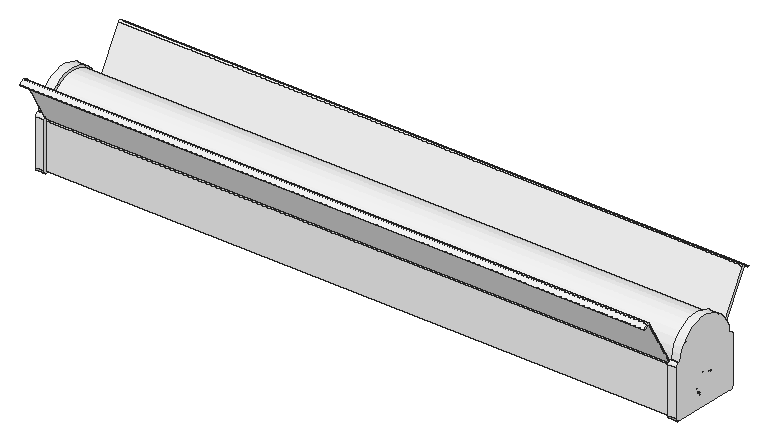
Revit family "0045177+0045231 Feilo Sylvania Lighting Fixture SYLBATTEN LED2 WW TP3 with SYMMETRIC REFLECTOR ACCESSORY 600MM", category Lighting Fixtures, host Face, Revit 2017
Family settings
  Host = Face
  Round Connector Dimension = Use Diameter
  Part Type = Normal
  OmniClass Number = 23.80.70.00
  OmniClass Title = Lighting
  Cut with Voids When Loaded = No
  Light Source = Yes
  Shared = No
  Room Calculation Point = No
Parameters (values of type "0045177 SYLBATTEN LED2 WW TP3")
  Width_FEILO = 66 mm
  Weight = "1.432 kg"
  Wattage Comments = "n/a"
  Wattage = 22 W
  WarrantyStartDate [instance] = "n/a"
  WarrantyGuarantorParts = "n/a"
  WarrantyDurationUnit = "n/a"
  WarrantyDurationParts = "n/a"
  WarrantyDescription = "n/a"
  built-in parameter 1150110 = 1 (stored number, unit not read)
  Voltage = 230 V
  URL = "http://www.sylvania-lighting.com"
  TypeName = "SYLBATTEN LED2 WW TP3"
  Type Image = <None>
  Type Comments = "n/a"
  built-in parameter 1114217 = 1 (stored number, unit not read)
  Tilt Angle = -90.00°
  built-in parameter 1150109 = 1 (stored number, unit not read)
  built-in parameter 1150134 = (empty or 0)
  SymReflector_FEILO = yes
  built-in parameter 1150113 = 1 (stored number, unit not read)
  SerialNumber [instance] = "n/a"
  PowerFactor = 0
  PowerConsumption = "22 W"
  Photometric Web File = "0045177+0045231.ies"
  NominalLength = 605 mm
  NominalHeight = 91 mm
  NominalDepth = 122 mm
  Name = "SYLBATTEN LED2 WW TP3"
  ModelReference = Name  # "SYLBATTEN LED2 WW TP3"
  ModelNumber = "0045177"
  Model = Name  # "SYLBATTEN LED2 WW TP3"
  Material_4_FEILO = Reflector-Sylvania-Sylbatten-White
  Material_3_FEILO = Diffuser-Sylvania-Sylbatten-Glow
  Material_2_FEILO = Body-Sylvania-Sylbatten-White
  Material_1_FEILO = Body-Sylvania-Sylbatten-White
  Material = "sheet steel housing, polycarbonate diffuser"
  ManufacturerName = "Feilo Sylvania"
  Manufacturer = "Feilo Sylvania"
  LuminousEfficacy = "92 lm/W"
  built-in parameter 1150105 = 161.06 (stored number, unit not read)
  Lumens = 2024 lm
  LuminaireType = ""
  built-in parameter 1150115 = 1 (stored number, unit not read)
  LightOutputRatio = "100"
  built-in parameter 1150137 = (empty or 0)
  built-in parameter 1150139 = (empty or 0)
  Length_FEILO = 605 mm
  LampsType = Lamp  # "LED"
  LampNominalLuminous = "2024 lm"
  LampMacAdamStep = "n/a"
  LampColourTemperature = "3000 K"
  LampColourRenderingIndex = "80"
  built-in parameter 1150112 = 1 (stored number, unit not read)
  built-in parameter 1150114 = 1 (stored number, unit not read)
  Lamp = "LED"
  Keynote = "16500"
  InstallationDate [instance] = "n/a"
  InputVoltage = "220-240V~"
  InputNominalFrequency = "n/a"
  built-in parameter 1150132 = (empty or 0)
  built-in parameter 1150102 = (empty or 0)
  built-in parameter 1150107 = 3000 (stored number, unit not read)
  built-in parameter 1150138 = (empty or 0)
  IngressProtection = "IP20"
  ImpactProtectionIndex = "IK07"
  built-in parameter 1150106 = 1.6106 (stored number, unit not read)
  IfcExportType = "IfcLightFixtureType"
  IfcExportAs = "IfcLightFixtureType"
  Height_FEILO = 76 mm
  ExpectedLife = 50000
  Emit from Rectangle Width = Length_FEILO - 16 mm  # 589 mm
  Emit from Rectangle Length = Width_FEILO - 40 mm  # 26 mm
  Emit Shape Visible in Rendering = no
  ElectricShockClassification = "Class I"
  built-in parameter 1150104 = 8.5471 (stored number, unit not read)
  DurationUnit = "hours"
  DocumentationLiterature = "http://www.sylvania-lighting.com/product/en-int/products/0045177"
  DimmingControlOptions = "n/a"
  Dimming Lamp Color Temperature Shift = <None>
  Description = "LED batten, T8 replacement, ease of installation through 2 part push-in design of the housing (safety cable included), through wiring capability (TP3 = 3 core), sheet steel, 2024LM, 22W, 92lm/W, 3000K, drive current: 350mA, CRI 80, 138° wide beam angle, electronic driver (non dimmable), IP20, IK07, 50,000 hrs (L70), (LxWxH) 605x66x76mm, 5 step MacAdam ellipse, 1.8kg, white RAL 9016, Class 1, 220-240V, energy class: A++, A+, A."
  Default Elevation = 1219.2 mm
  CreatedOn = "1/25/2018"
  CreatedBy = ""
  Cost = 0
  Color Filter = 16777215
  built-in parameter 1114216 [instance] = (empty or 0)
  ClassificationValue = "EF_70_80"
  ClassificationName = "Uniclass2015"
  CapOffset_FEILO = 2 mm
  BarCode [instance] = "n/a"
  built-in parameter 1114218 = 1 (stored number, unit not read)
  BackReflector_FEILO = and(not(AsymReflector_FEILO), SymReflector_FEILO)  # yes
  built-in parameter 1150133 = 10 (stored number, unit not read)
  FrontReflector_FEILO = or(AsymReflector_FEILO, SymReflector_FEILO)  # yes
  AsymReflector_FEILO = no
  AssetType = "Fixed"
  AssetIdentifier [instance] = "n/a"
  Assembly Code = "D5020200"
  Apparent Load = 22 VA
Reference planes
  plane 1 "Center (Front/Back)": y = 0
  plane 2: z = 0
  plane 3 "Center (Left/Right)": x = 0
  plane 4: x = 302.5
  plane 5: x = -302.5
  plane 6: y = 33
  plane 7: y = -33
  plane 8: z = 76
  plane 9: z = 47
  plane 10: y = -29
  plane 11: y = 29
  plane 12: z = 20
  plane 13: z = 74
  plane 14: y = -31
  plane 15: y = -27
  plane 16: y = 27
  plane 17: y = 31
  plane 18: z = 2
  plane 19: x = -294.5
  plane 20: x = 294.5
  plane 21: z = 49
  plane 22: y = 1
  plane 23: y = -1
  plane 24: z = 21
  plane 25: z = 19
  plane 26: y = -61
  plane 27: y = 61
  plane 28: y = -56
  plane 29: y = 56
  plane 30: z = 91
  plane 31: z = 88
Forms (mm)
  Extrusion 1, solid, material "Body-Sylvania-Sylbatten-White" <- "Material_2_FEILO"
    sketch origin (0, 0, 0) x (0, 1, 0) y (0, 0, 1)
      loop
        line (-31, 2) -> (31, 2) -> (31, 45)
        arc (31, 45) -> (30.414, 46.414) -> (29, 47) r 2
        line (29, 47) -> (27, 47)
        arc (27, 47) -> (0, 74) -> (-27, 47) r 27
        line (-27, 47) -> (-29, 47)
        arc (-29, 47) -> (-30.414, 46.414) -> (-31, 45) r 2
        line (-31, 45) -> (-31, 2)
    from -294.5 to 294.5
  Extrusion 2, solid, material "Body-Sylvania-Sylbatten-White" <- "Material_2_FEILO"
    sketch origin (302.5, 1524, 1219.2) x (0, 1, 0) y (0, 0, 1)
      loop
        arc (-1494, -1219.2) -> (-1491.879, -1218.321) -> (-1491, -1216.2) r 3
        line (-1491, -1216.2) -> (-1491, -1173.2)
        arc (-1491, -1173.2) -> (-1491.879, -1171.079) -> (-1494, -1170.2) r 3
        line (-1494, -1170.2) -> (-1495.069, -1170.2)
        arc (-1495.069, -1170.2) -> (-1524, -1143.2) -> (-1552.931, -1170.2) r 29
        line (-1552.931, -1170.2) -> (-1554, -1170.2)
        arc (-1554, -1170.2) -> (-1556.121, -1171.079) -> (-1557, -1173.2) r 3
        line (-1557, -1173.2) -> (-1557, -1216.2)
        arc (-1557, -1216.2) -> (-1556.121, -1218.321) -> (-1554, -1219.2) r 3
        line (-1554, -1219.2) -> (-1494, -1219.2)
      loop
        arc (-1525, -1189.25) -> (-1531.071, -1192.129) -> (-1533.95, -1198.2) r 10
        line (-1533.95, -1198.2) -> (-1532.944, -1198.2)
        arc (-1532.944, -1198.2) -> (-1530.364, -1192.836) -> (-1525, -1190.256) r 9
        line (-1525, -1190.256) -> (-1525, -1189.25)
      loop
        arc (-1523, -1190.256) -> (-1517.636, -1192.836) -> (-1515.056, -1198.2) r 9
        line (-1515.056, -1198.2) -> (-1514.05, -1198.2)
        arc (-1514.05, -1198.2) -> (-1516.929, -1192.129) -> (-1523, -1189.25) r 10
        line (-1523, -1189.25) -> (-1523, -1190.256)
      loop
        line (-1532.944, -1200.2) -> (-1533.95, -1200.2)
        arc (-1533.95, -1200.2) -> (-1531.071, -1206.271) -> (-1525, -1209.15) r 10
        line (-1525, -1209.15) -> (-1525, -1208.144)
        arc (-1525, -1208.144) -> (-1530.364, -1205.564) -> (-1532.944, -1200.2) r 9
      loop
        arc (-1515.056, -1200.2) -> (-1517.636, -1205.564) -> (-1523, -1208.144) r 9
        line (-1523, -1208.144) -> (-1523, -1209.15)
        arc (-1523, -1209.15) -> (-1516.929, -1206.271) -> (-1514.05, -1200.2) r 10
        line (-1514.05, -1200.2) -> (-1515.056, -1200.2)
    from 0 to -8
  Extrusion 3, solid, material "Body-Sylvania-Sylbatten-White" <- "Material_2_FEILO"
    sketch origin (-302.5, 1524, 1219.2) x (0, 1, 0) y (0, 0, 1)
      loop
        arc (-1495.069, -1170.2) -> (-1524, -1143.2) -> (-1552.931, -1170.2) r 29
        line (-1552.931, -1170.2) -> (-1554, -1170.2)
        arc (-1554, -1170.2) -> (-1556.121, -1171.079) -> (-1557, -1173.2) r 3
        line (-1557, -1173.2) -> (-1557, -1216.2)
        arc (-1557, -1216.2) -> (-1556.121, -1218.321) -> (-1554, -1219.2) r 3
        line (-1554, -1219.2) -> (-1494, -1219.2)
        arc (-1494, -1219.2) -> (-1491.879, -1218.321) -> (-1491, -1216.2) r 3
        line (-1491, -1216.2) -> (-1491, -1173.2)
        arc (-1491, -1173.2) -> (-1491.879, -1171.079) -> (-1494, -1170.2) r 3
        line (-1494, -1170.2) -> (-1495.069, -1170.2)
      loop
        line (-1533.95, -1198.2) -> (-1532.944, -1198.2)
        arc (-1532.944, -1198.2) -> (-1530.364, -1192.836) -> (-1525, -1190.256) r 9
        line (-1525, -1190.256) -> (-1525, -1189.25)
        arc (-1525, -1189.25) -> (-1531.071, -1192.129) -> (-1533.95, -1198.2) r 10
      loop
        line (-1523, -1189.25) -> (-1523, -1190.256)
        arc (-1523, -1190.256) -> (-1517.636, -1192.836) -> (-1515.056, -1198.2) r 9
        line (-1515.056, -1198.2) -> (-1514.05, -1198.2)
        arc (-1514.05, -1198.2) -> (-1516.929, -1192.129) -> (-1523, -1189.25) r 10
      loop
        line (-1514.05, -1200.2) -> (-1515.056, -1200.2)
        arc (-1515.056, -1200.2) -> (-1517.636, -1205.564) -> (-1523, -1208.144) r 9
        line (-1523, -1208.144) -> (-1523, -1209.15)
        arc (-1523, -1209.15) -> (-1516.929, -1206.271) -> (-1514.05, -1200.2) r 10
      loop
        line (-1525, -1209.15) -> (-1525, -1208.144)
        arc (-1525, -1208.144) -> (-1530.364, -1205.564) -> (-1532.944, -1200.2) r 9
        line (-1532.944, -1200.2) -> (-1533.95, -1200.2)
        arc (-1533.95, -1200.2) -> (-1531.071, -1206.271) -> (-1525, -1209.15) r 10
    from 0 to 8
  Extrusion 4, solid, material "Reflector-Sylvania-Sylbatten-White" <- "Material_4_FEILO", visible <- "FrontReflector_FEILO"
    sketch origin (0, 0, 0) x (0, 1, 0) y (0, 0, 1)
      loop
        line (-61.257, 88.429) -> (-60.743, 87.571) -> (-56.621, 90.044)
        arc (-56.621, 90.044) -> (-56.237, 90.099) -> (-55.929, 89.863) r 0.5
        line (-55.929, 89.863) -> (-31.435, 46.753) -> (-30.565, 47.247) -> (-55.312, 90.802)
        arc (-55.312, 90.802) -> (-55.928, 91.275) -> (-56.696, 91.165) r 1
        line (-56.696, 91.165) -> (-61.257, 88.429)
    from -294.5 to 294.5
  Extrusion 5, solid, material "Reflector-Sylvania-Sylbatten-White" <- "Material_4_FEILO", visible <- "BackReflector_FEILO"
    sketch origin (0, 0, 0) x (0, 1, 0) y (0, 0, 1)
      loop
        line (30.565, 47.247) -> (31.435, 46.753) -> (55.932, 89.868)
        arc (55.932, 89.868) -> (56.245, 90.112) -> (56.638, 90.062) r 0.518
        line (56.638, 90.062) -> (61.033, 87.565) -> (61.527, 88.435) -> (56.682, 91.188)
        arc (56.682, 91.188) -> (55.922, 91.282) -> (55.318, 90.812) r 1
        line (55.318, 90.812) -> (30.565, 47.247)
    from -294.5 to 294.5
Lines and regions (mm)
  reference lines
    curve 1: line (0, -61, 88) -> (0, -56, 91)
    curve 2: line (0, -56, 91) -> (0, -31, 47)
    curve 3: line (0, 31, 47) -> (0, 56, 91)
    curve 4: line (0, 56, 91) -> (0, 61.28, 88)
Dimensions and locks
  equal spacing: plane 5, plane 3 "Center (Left/Right)", plane 4
  equal spacing: plane 7, plane 1 "Center (Front/Back)", plane 6
  "Width_FEILO": plane 7 to plane 6
  "Length_FEILO": plane 5 to plane 4
  "Height_FEILO": plane 8 to plane 2
  locked: plane 9 to plane 8 at 29
  equal spacing: plane 10, plane 1 "Center (Front/Back)", plane 11
  locked: plane 7 to plane 10 at 4
  locked: plane 12 to plane 2 at 20
  "CapOffset_FEILO": plane 13 to plane 8
  "CapOffset_FEILO": plane 7 to plane 14
  "CapOffset_FEILO": plane 10 to plane 15
  "CapOffset_FEILO": plane 17 to plane 6
  "CapOffset_FEILO": plane 16 to plane 11
  "CapOffset_FEILO": plane 18 to plane 2
  locked: plane 14 to Extrusion 1 sketch curve at 2
  locked: Extrusion 1 sketch curve to plane 9 at 2  (x2)
  locked: plane 16 to Extrusion 1 sketch curve at 2
  equal spacing: plane 19, plane 3 "Center (Left/Right)", plane 20
  locked: plane 5 to plane 19 at 8
  "CapOffset_FEILO": plane 9 to plane 21
  locked: Extrusion 2 sketch curve to plane 2 at 47
  locked: Extrusion 1 sketch curve to plane 2 at 47
  locked: Extrusion 2 sketch curve to plane 2 at 3  (x2)
  locked: plane 7 to Extrusion 2 sketch curve at 3  (x2)
  locked: Extrusion 2 sketch curve to plane 6 at 3  (x2)
  locked: Extrusion 2 sketch curve to plane 21 at 3  (x2)
  equal spacing: plane 23, plane 1 "Center (Front/Back)", plane 22
  equal spacing: plane 25, plane 12, plane 24
  plane 30 to plane 31 to plane 2 = 3 mm locked, 88 mm locked
  plane 28 to plane 29 = 112 mm
  plane 26 to plane 27 = 122 mm
  aligned and locked: plane 2 to host face
  aligned and locked: level to host face
  aligned and locked: plane 18 to Extrusion 1 sketch curve
  aligned and locked: plane 14 to Extrusion 1 sketch curve
  aligned and locked: Extrusion 1 sketch curve to plane 9  (x2)
  aligned and locked: Extrusion 1 sketch curve to plane 17
  aligned and locked: plane 15 to Extrusion 1 sketch curve
  aligned and locked: plane 16 to Extrusion 1 sketch curve
  aligned and locked: plane 9 to Extrusion 1 sketch curve
  aligned and locked: plane 20 to Extrusion 1
  aligned and locked: level to Extrusion 2 sketch curve
  aligned and locked: Extrusion 2 sketch curve to plane 7
  aligned and locked: plane 21 to Extrusion 2 sketch curve
  aligned and locked: Extrusion 2 sketch curve to plane 21
  aligned and locked: plane 1 "Center (Front/Back)" to Extrusion 2 sketch curve  (x3)
  aligned and locked: Extrusion 2 to Extrusion 1
  aligned and locked: plane 4 to Extrusion 2
  aligned and locked: plane 12 to Extrusion 2 sketch curve  (x2)
  aligned and locked: Extrusion 2 sketch curve to plane 22
  aligned and locked: Extrusion 2 sketch curve to plane 23
  aligned and locked: Extrusion 2 sketch curve to plane 24
  aligned and locked: Extrusion 2 sketch curve to plane 25
  aligned and locked: plane 25 to Extrusion 2 sketch curve
  aligned and locked: plane 22 to Extrusion 2 sketch curve
  aligned and locked: plane 24 to Extrusion 2 sketch curve
  aligned and locked: plane 23 to Extrusion 2 sketch curve  (x2)
  aligned and locked: Extrusion 3 sketch curve to Extrusion 2  (x22)
  aligned and locked: Extrusion 3 to Extrusion 1
  aligned and locked: Extrusion 3 to plane 5
  aligned and locked: plane 19 to Extrusion 3
  aligned and locked: plane 31 to curve 1
  aligned and locked: plane 30 to curve 1
  aligned and locked: plane 14 to curve 2
  aligned and locked: plane 9 to curve 2
  aligned and locked: plane 17 to curve 3
  aligned and locked: plane 30 to curve 3
  aligned and locked: plane 31 to curve 4
  aligned and locked: Extrusion 4 sketch curve to curve 2
  aligned and locked: Extrusion 4 sketch curve to curve 1
  aligned and locked: Extrusion 4 to Extrusion 1
  aligned and locked: Extrusion 1 to Extrusion 4
  aligned and locked: imposter light to plane 1 "Center (Front/Back)"
  aligned and locked: imposter light to plane 3 "Center (Left/Right)"
  aligned and locked: imposter light to plane 13
  aligned and locked: Extrusion 5 sketch curve to curve 4
  aligned and locked: Extrusion 5 sketch curve to curve 3
  aligned and locked: Extrusion 1 to Extrusion 5
  aligned and locked: Extrusion 5 to Extrusion 1
Automatic sketch dimensions
  host sketch curve to host sketch curve = 2438.4 mm  (x2)
  Extrusion 2 sketch curve to Extrusion 2 sketch curve = 0 mm  (x14)
  Extrusion 2 sketch curve to plane 10 = 0.069 mm
  plane 23 to Extrusion 2 sketch curve = 8.95 mm
  Extrusion 2 sketch curve to Extrusion 2 sketch curve = 1.006 mm  (x4)
  Extrusion 2 sketch curve to plane 22 = 7.944 mm
  curve 1 to plane 26 = 0 mm
  curve 2 to plane 28 = 0 mm
  curve 4 to plane 29 = 0 mm
  plane 9 to curve 3 = 0 mm
  plane 26 to Extrusion 4 sketch curve = 0.257 mm
  Extrusion 4 sketch curve to plane 26 = 0.257 mm
  Extrusion 4 sketch curve to plane 30 = 0.165 mm
  plane 28 to Extrusion 4 sketch curve = 0.696 mm
  plane 28 to Extrusion 4 sketch curve = 0.621 mm
  plane 28 to Extrusion 4 sketch curve = 0.364 mm
  plane 28 to Extrusion 4 sketch curve = 0.182 mm
  Extrusion 4 sketch curve to plane 28 = 0.071 mm
  plane 30 to Extrusion 4 sketch curve = 0.198 mm
  Extrusion 4 sketch curve to plane 28 = 0.688 mm
  plane 9 to Extrusion 4 sketch curve = 0.247 mm
  plane 1 "Center (Front/Back)" to Extrusion 4 sketch curve = 31.435 mm
  Extrusion 5 sketch curve to plane 9 = 0.247 mm
  Extrusion 5 sketch curve to plane 1 "Center (Front/Back)" = 30.565 mm
  plane 9 to Extrusion 5 sketch curve = 0.247 mm
  plane 30 to Extrusion 5 sketch curve = 0.188 mm
  plane 29 to Extrusion 5 sketch curve = 0.068 mm
  Extrusion 5 sketch curve to plane 29 = 0.188 mm
  Extrusion 5 sketch curve to plane 29 = 0.382 mm
  Extrusion 5 sketch curve to Extrusion 5 sketch curve = 0.256 mm
  Extrusion 5 sketch curve to plane 30 = 0.188 mm
  Extrusion 5 sketch curve to plane 29 = 0.682 mm
  Extrusion 5 sketch curve to plane 27 = 0.033 mm
  Extrusion 5 sketch curve to plane 27 = 0.527 mm
Connectors
  electrical at (0, 0, 0), driven by "Apparent Load", driven by "PowerFactor", driven by "Voltage"
    settings: index 1, voltage 230 V, apparent load 22 VA, apparent load phase1 0 VA, apparent load phase2 0 VA, apparent load phase3 0 VA, power factor 0, load classification "Lighting", number of poles 1, system type 30, power factor state 1, is connector primary yes, connector utility no, sub classification motor no, connector description ""
